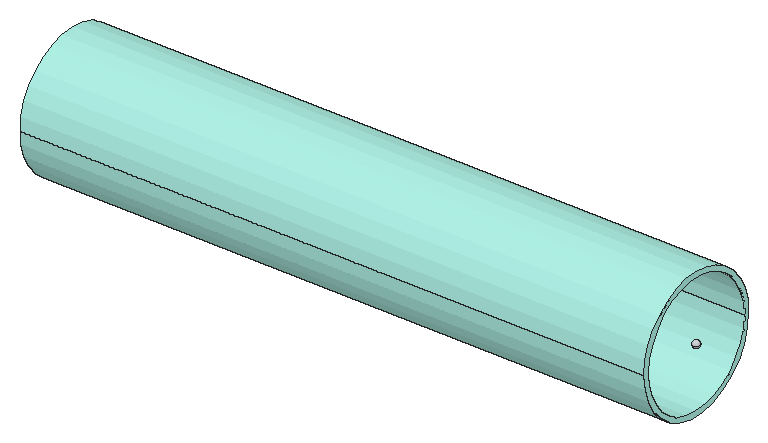
Revit family "Plumbing-Pipe_DWV", category Plumbing Fixtures, Revit 2026
Family settings
  Round Connector Dimension = Use Diameter
  Part Type = Normal
  Classification Number = 23.60.30.11.14
  Enable Cutting in Views = No
  Cut with Voids When Loaded = No
  Maintain Annotation Orientation = No
  Shared = No
  Room Calculation Point = No
Parameters (values of type "5" SDR")
  Waste Connection = yes
  Warranty Duration (Years) = 0
  Wall Thickness = 0' - 0 3/16"
  Vent Connection = yes
  Test Data = ""
  Specification = "http://www.arcat.com/divs/sec/sec15000.shtml"
  Sales Information = ""
  Product Properties = "http://www.arcat.com/bim/bim_info.pl?fn=Plumbing-Pipe_DWV"
  Product Data = "http://www.arcat.com/divs/sec/sec15000.shtml"
  PipeOrad = Pipe OD / 2  # 0' - 2 1/2"
  PipeIrad = PipeOrad - Wall Thickness  # 0' - 2 5/16"
  Pipe OD = 0' - 5"
  Pipe Material = ARCAT - PVC - SDR
  Pipe ID = PipeIrad * 2  # 0' - 4 5/8"
  Model = "Generic"  # constant formula
  Manufacturer Website = "http://www.arcat.com/"
  Manufacturer Phone - Toll Free = ""
  Manufacturer Phone = "(203) 929-9444"  # constant formula
  Manufacturer Fax = "(203) 929-2444"  # constant formula
  Manufacturer Email = "bim@arcat.com"  # constant formula
  Manufacturer Address = "1077 Bridgeport Ave, Shelton, CT 06484"  # constant formula
  Manufacturer = "Generic"  # constant formula
  Maintenance Schedule (Months) = 0
  built-in parameter 1001306 [instance] = 2' - 0"
  Keynote = "15000"
  Installation-Fabrication = ""
  Installation Phase = ""
  HW Connection = no
  Green Building-LEED = "http://www.arcat.com/green/green_building.shtml"
  Expected Lifespan (Years) = 0
  Drawn By = "Robert S. Weygant, CSI, CDT, SCIP"  # constant formula
  Drain Connection Type = Plumbing-Connector : Weld-Weld -PVC-PVC 4
  Description = "SDR PVC Pipe"
  Default Elevation = 0' - 0"
  Copyright = "2008, ARCAT, Inc."  # constant formula
  Construction Details = "http://www.arcat.com/divs/sec/sec15000.shtml"
  Connection Type = "Solvent Welded"
  CW Connection = no
  Building Codes = ""
  Assembly Code = "D2030"
  ASTM Standard = "D1784 / D2241"
Types (19): name | PipeOrad | PipeIrad | Pipe OD | Pipe Material | Pipe ID | Drain Connection Type | Description | ASTM Standard
  (no name) | 0' - 2 1/2" | 0' - 2 5/16" | 0' - 5" | ARCAT - PVC - SDR | 0' - 4 5/8" | Plumbing-Connector : Weld-Weld -PVC-PVC 4 | "SDR PVC Pipe" | "D1784 / D2241"
  2" Sch 40 | 0' - 1" | 0' - 0 13/16" | 0' - 2" | ARCAT - PVC - Schedule 40 | 0' - 1 5/8" | Plumbing-Connector : Weld-Weld -PVC-PVC 2 | "Schedule 40 PVC Pipe" | "D1784 / D1785"
  1-1/2" Sch 40 | 0' - 0 3/4" | 0' - 0 9/16" | 0' - 1 1/2" | ARCAT - PVC - Schedule 40 | 0' - 1 1/8" | Plumbing-Connector : Weld-Weld -PVC-PVC 150 | "Schedule 40 PVC Pipe" | "D1784 / D1785"
  1-1/4" Sch 40 | 0' - 0 5/8" | 0' - 0 7/16" | 0' - 1 1/4" | ARCAT - PVC - Schedule 40 | 0' - 0 7/8" | Plumbing-Connector : Weld-Weld -PVC-PVC 125 | "Schedule 40 PVC Pipe" | "D1784 / D1785"
  1" Sch 40 | 0' - 0 1/2" | 0' - 0 5/16" | 0' - 1" | ARCAT - PVC - Schedule 40 | 0' - 0 5/8" | Plumbing-Connector : Weld-Weld -PVC-PVC 125 | "Schedule 40 PVC Pipe" | "D1784 / D1785"
  3" Sch 40 | 0' - 1 1/2" | 0' - 1 5/16" | 0' - 3" | ARCAT - PVC - Schedule 40 | 0' - 2 5/8" | Plumbing-Connector : Weld-Weld -PVC-PVC 3 | "Schedule 40 PVC Pipe" | "D1784 / D1785"
  4" sch 40 | 0' - 2" | 0' - 1 13/16" | 0' - 4" | ARCAT - PVC - Schedule 40 | 0' - 3 5/8" | Plumbing-Connector : Weld-Weld -PVC-PVC 4 | "Schedule 40 PVC Pipe" | "D1784 / D1785"
  1-1/2" Sch 80 | 0' - 0 3/4" | 0' - 0 9/16" | 0' - 1 1/2" | ARCAT - PVC - Schedule 80 | 0' - 1 1/8" | Plumbing-Connector : Weld-Weld -PVC-PVC 150 | "Schedule 80 PVC Pipe" | "D1784 / D1785"
  4" sch 80 | 0' - 2" | 0' - 1 13/16" | 0' - 4" | ARCAT - PVC - Schedule 80 | 0' - 3 5/8" | Plumbing-Connector : Weld-Weld -PVC-PVC 4 | "Schedule 80 PVC Pipe" | "D1784 / D1785"
  3" sch 80 | 0' - 2" | 0' - 1 13/16" | 0' - 4" | ARCAT - PVC - Schedule 80 | 0' - 3 5/8" | Plumbing-Connector : Weld-Weld -PVC-PVC 3 | "Schedule 80 PVC Pipe" | "D1784 / D1785"
  2" Sch 80 | 0' - 1" | 0' - 0 13/16" | 0' - 2" | ARCAT - PVC - Schedule 80 | 0' - 1 5/8" | Plumbing-Connector : Weld-Weld -PVC-PVC 2 | "Schedule 80 PVC Pipe" | "D1784 / D1785"
  1" Sch 80 | 0' - 0 1/2" | 0' - 0 5/16" | 0' - 1" | ARCAT - PVC - Schedule 80 | 0' - 0 5/8" | Plumbing-Connector : Weld-Weld -PVC-PVC 125 | "Schedule 80 PVC Pipe" | "D1784 / D1785"
  1-1/4" Sch 80 | 0' - 0 5/8" | 0' - 0 7/16" | 0' - 1 1/4" | ARCAT - PVC - Schedule 80 | 0' - 0 7/8" | Plumbing-Connector : Weld-Weld -PVC-PVC 125 | "Schedule 80 PVC Pipe" | "D1784 / D1785"
  1-1/4" SDR | 0' - 0 5/8" | 0' - 0 7/16" | 0' - 1 1/4" | ARCAT - PVC - SDR | 0' - 0 7/8" | Plumbing-Connector : Weld-Weld -PVC-PVC 125 | "SDR PVC Pipe" | "D1784 / D2241"
  2" SDR | 0' - 1" | 0' - 0 13/16" | 0' - 2" | ARCAT - PVC - SDR | 0' - 1 5/8" | Plumbing-Connector : Weld-Weld -PVC-PVC 2 | "SDR PVC Pipe" | "D1784 / D2241"
  1-1/2" SDR | 0' - 0 3/4" | 0' - 0 9/16" | 0' - 1 1/2" | ARCAT - PVC - SDR | 0' - 1 1/8" | Plumbing-Connector : Weld-Weld -PVC-PVC 150 | "SDR PVC Pipe" | "D1784 / D2241"
  3" SDR | 0' - 2" | 0' - 1 13/16" | 0' - 4" | ARCAT - PVC - SDR | 0' - 3 5/8" | Plumbing-Connector : Weld-Weld -PVC-PVC 3 | "SDR PVC Pipe" | "D1784 / D2241"
  4" SDR | 0' - 2" | 0' - 1 13/16" | 0' - 4" | ARCAT - PVC - SDR | 0' - 3 5/8" | Plumbing-Connector : Weld-Weld -PVC-PVC 4 | "SDR PVC Pipe" | "D1784 / D2241"
  5" SDR | 0' - 2 1/2" | 0' - 2 5/16" | 0' - 5" | ARCAT - PVC - SDR | 0' - 4 5/8" | Plumbing-Connector : Weld-Weld -PVC-PVC 4 | "SDR PVC Pipe" | "D1784 / D2241"
Reference planes (in)
  plane 1 "Center (Front/Back)": y = 0
  plane 2: z = 0
  plane 3 "Left": x = 0
  plane 4 "Right": x = 24
Forms (in)
  Sweep 1, solid, material "ARCAT - PVC - SDR" <- "Pipe Material"
    path in 3D
      loop
        line (0, 0, 0) -> (24, 0, 0)
    profile origin (12, 0, 0) x (0, 1, 0) y (0, 0, 1)
      loop
        circle (0, 0) r 2.3125
      loop
        circle (0, 0) r 2.5
Lines and regions (in)
  reference lines
    curve 1: line (0, 0, 0) -> (24, 0, 0)
  model lines, style "Drain"
    curve 2: line (0, 0, 0) -> (24, 0, 0)
  model lines, style "Vent"
    curve 3: line (0, 0, 0) -> (24, 0, 0)
  sketch lines
    curve 4: line (0, 0, 0) -> (24, 0, 0)
Dimensions and locks (in)
  "built-in parameter 1001306": plane 3 "Left" to plane 4 "Right"
  "PipeIrad": radius of Sweep 1 sketch curve
  "PipeOrad": radius of Sweep 1 sketch curve
  aligned and locked: plane 4 "Right" to curve 1
  aligned and locked: plane 1 "Center (Front/Back)" to curve 1
  aligned and locked: plane 3 "Left" to curve 1
  aligned and locked: plane 3 "Left" to curve 2
  aligned and locked: plane 4 "Right" to curve 2
  aligned and locked: plane 1 "Center (Front/Back)" to curve 3
  aligned and locked: plane 1 "Center (Front/Back)" to curve 2
  aligned and locked: plane 3 "Left" to nested 2
  aligned and locked: plane 1 "Center (Front/Back)" to nested 2
  aligned and locked: plane 4 "Right" to nested 1
  aligned and locked: plane 1 "Center (Front/Back)" to nested 1
  aligned and locked: nested 1 to level  (x2)
Automatic sketch dimensions
  curve 3 to plane 3 "Left" = 0' - 0"
  curve 3 to plane 4 "Right" = 0' - 0"
  Sweep 1 sketch curve to Sweep 1 sketch curve = 0' - 0"  (x2)
  Sweep 1 sketch curve to profile plane = 0' - 0"  (x2)
Nested families (in)
  nested 1: "Plumbing-Connector" at (22.5, 0.5, 1.92656), Pipe Diameter <- "Pipe OD", Outlet Material <- "Pipe Material", Inlet Material <- "Pipe Material", Outlet Connection <- "Connection Type", Inlet Connection <- "Connection Type", type <- "Drain Connection Type", type "Weld-Weld -PVC-PVC 4"
    with Pipe Diameter 0' - 5", Outlet Material ARCAT - PVC - SDR, Outlet Connection "Solvent Welded", Inlet Material ARCAT - PVC - SDR, Inlet Connection "Solvent Welded"
  nested 2: "Plumbing-Connector" at (-1.5, 0.5, 1.92656), type <- "Drain Connection Type", type "Weld-Weld -PVC-PVC 4"
Definition of nested family "Plumbing-Connector"
  Parameters
    Waste Connection = no
    Warranty Duration (Years) = 0
    Vent Connection = no
    Type Comments = "Plumbing Connection"
    Test Data = ""
    Specification = "http://www.arcat.com/divs/sec/sec15000.shtml"
    Sales Information = ""
    Product Properties = "http://www.arcat.com/bim/bim_info.pl?fn=Plumbing-Connector"
    Product Data = "http://www.arcat.com/divs/sec/sec15000.shtml"
    Pipe Diameter [instance] = 0' - 4"
    Outlet Material [instance] = none
    Outlet Connection [instance] = "Crimp"
    Model = "Generic"  # constant formula
    Mixing Valve = no
    Manufacturer Website = "http://www.arcat.com/"
    Manufacturer Phone - Toll Free = ""
    Manufacturer Phone = "(203) 929-9444"  # constant formula
    Manufacturer Fax = "(203) 939-2444"  # constant formula
    Manufacturer Email = "bim@arcat.com"  # constant formula
    Manufacturer Address = "1077 Bridgeport Ave, Shelton, CT  06484"  # constant formula
    Manufacturer = "Generic"  # constant formula
    Maintenance Schedule (Months) = 0
    Keynote = "15000"
    Installation_Fabricaton = ""
    Installation Phase = ""
    Inlet Material [instance] = none
    Inlet Connection [instance] = "Threaded"
    HW Connection = no
    Green Building-LEED = "http://www.arcat.com/green/green_building.shtml"
    Expected Lifespan (Years) = 0
    Drawn By = "Robert S. Weygant. CSI, CDT, SCIP"  # constant formula
    Description = ""
    Default Elevation = 4' - 0"
    Copyright = "2008, ARCAT, Inc."  # constant formula
    Construction Details = "http://www.arcat.com/divs/sec/sec15000.shtml"
    CW Connection = yes
    Building Codes = ""
    Assembly Code = "D2090900"
  Reference planes (in)
    plane 1 "Center (TB)": z = -1.92656
    plane 2 "Center (Left/Right)": x = 1.5
    plane 3 "Center (FB)": y = -0.5
    plane 4: x = -0.5
    plane 5: x = 3.5
    plane 6: y = 1.5
    plane 7: y = -2.5
    plane 8: z = 0.07344
    plane 9: z = -3.92656
  Forms (in)
    Revolve 1, solid
      sketch origin (0, 0, -1.92656) x (1, 0, 0) y (0, 1, 0)
        loop
          line (1.5, -0.375) -> (1.5, -0.625)
          arc (1.5, -0.625) -> (1.625, -0.5) -> (1.5, -0.375) r 0.125
        axis (1.5, -0.375) -> (1.5, -0.625)
      angle from 0 to 360
  Lines and regions (in)
    model lines, not visible
      curve 1: line (0, 0.5, 0) -> (0, -0.5, 0)
      curve 2: line (-0.5, 0, 0) -> (0.5, 0, 0)
    model lines, visible <- "CW Connection"
      curve 3: line (1.5, -0.5, -3.92656) -> (1.5, -0.5, 0.07344)
      curve 8: line (-0.5, -0.5, -1.92656) -> (3.5, -0.5, -1.92656)
      curve 13: line (1.5, 1.5, -1.92656) -> (1.5, -2.5, -1.92656)
    model lines, visible <- "Waste Connection"
      curve 4: line (1.5, -0.5, -3.92656) -> (1.5, -0.5, 0.07344)
      curve 9: line (-0.5, -0.5, -1.92656) -> (3.5, -0.5, -1.92656)
      curve 14: line (1.5, 1.5, -1.92656) -> (1.5, -2.5, -1.92656)
    model lines, visible <- "HW Connection"
      curve 5: line (1.5, -0.5, -3.92656) -> (1.5, -0.5, 0.07344)
      curve 10: line (-0.5, -0.5, -1.92656) -> (3.5, -0.5, -1.92656)
      curve 15: line (1.5, 1.5, -1.92656) -> (1.5, -2.5, -1.92656)
    model lines, visible <- "Mixing Valve"
      curve 6: line (1.5, -0.5, -3.92656) -> (1.5, -0.5, 0.07344)
      curve 11: line (-0.5, -0.5, -1.92656) -> (3.5, -0.5, -1.92656)
      curve 16: line (1.5, 1.5, -1.92656) -> (1.5, -2.5, -1.92656)
    model lines, visible <- "Vent Connection"
      curve 7: line (1.5, -0.5, -3.92656) -> (1.5, -0.5, 0.07344)
      curve 12: line (-0.5, -0.5, -1.92656) -> (3.5, -0.5, -1.92656)
      curve 17: line (1.5, 1.5, -1.92656) -> (1.5, -2.5, -1.92656)
  Dimensions and locks (in)
    equal spacing: plane 4, plane 2 "Center (Left/Right)", plane 5
    equal spacing: plane 6, plane 3 "Center (FB)", plane 7
    "Pipe Diameter": plane 4 to plane 5
    "Pipe Diameter": plane 6 to plane 7
    equal spacing: plane 8, plane 1 "Center (TB)", plane 9
    "Pipe Diameter": plane 8 to plane 9
    aligned and locked: plane 9 to curve 3
    aligned and locked: plane 2 "Center (Left/Right)" to curve 3
    aligned and locked: plane 8 to curve 3
    aligned and locked: plane 2 "Center (Left/Right)" to curve 4
    aligned and locked: plane 2 "Center (Left/Right)" to curve 5
    aligned and locked: plane 2 "Center (Left/Right)" to curve 6
    aligned and locked: plane 2 "Center (Left/Right)" to curve 7
    aligned and locked: plane 4 to curve 8
    aligned and locked: plane 5 to curve 8
    aligned and locked: plane 3 "Center (FB)" to curve 8
    aligned and locked: plane 3 "Center (FB)" to curve 9
    aligned and locked: plane 3 "Center (FB)" to curve 10
    aligned and locked: plane 3 "Center (FB)" to curve 11
    aligned and locked: plane 3 "Center (FB)" to curve 12
    aligned and locked: plane 6 to curve 13
    aligned and locked: curve 13 to plane 2 "Center (Left/Right)"
    aligned and locked: plane 7 to curve 13
    aligned and locked: curve 14 to plane 2 "Center (Left/Right)"
    aligned and locked: curve 15 to plane 2 "Center (Left/Right)"
    aligned and locked: curve 16 to plane 2 "Center (Left/Right)"
    aligned and locked: curve 17 to plane 2 "Center (Left/Right)"
    aligned and locked: level to plane 1 "Center (TB)"
  Automatic sketch dimensions
    Revolve 1 sketch curve to plane 2 "Center (Left/Right)" = 0' - 0"  (x2)
    Revolve 1 sketch curve to plane 3 "Center (FB)" = 0' - 0"
    Revolve 1 sketch curve to Revolve 1 sketch curve = 0' - 0 1/8"
    Revolve 1 sketch curve to plane 7 = 4' - 9 1/2"
    plane 6 to Revolve 1 sketch curve = 4' - 8.8714"
    curve 6 to plane 8 = 0' - 0"
    curve 4 to plane 8 = 0' - 0"
    curve 5 to plane 8 = 0' - 0"
    curve 7 to plane 8 = 0' - 0"
    curve 4 to plane 9 = 0' - 0"
    curve 7 to plane 9 = 0' - 0"
    curve 6 to plane 9 = 0' - 0"
    curve 5 to plane 9 = 0' - 0"
    curve 17 to plane 6 = 0' - 0"
    curve 17 to plane 7 = 0' - 0"
    curve 16 to plane 7 = 0' - 0"
    curve 16 to plane 6 = 0' - 0"
    curve 15 to plane 6 = 0' - 0"
    curve 15 to plane 7 = 0' - 0"
    curve 14 to plane 6 = 0' - 0"
    curve 14 to plane 7 = 0' - 0"
    curve 10 to plane 4 = 0' - 0"
    curve 9 to plane 4 = 0' - 0"
    curve 11 to plane 4 = 0' - 0"
    curve 12 to plane 4 = 0' - 0"
    curve 10 to plane 5 = 0' - 0"
    curve 9 to plane 5 = 0' - 0"
    curve 11 to plane 5 = 0' - 0"
    curve 12 to plane 5 = 0' - 0"
